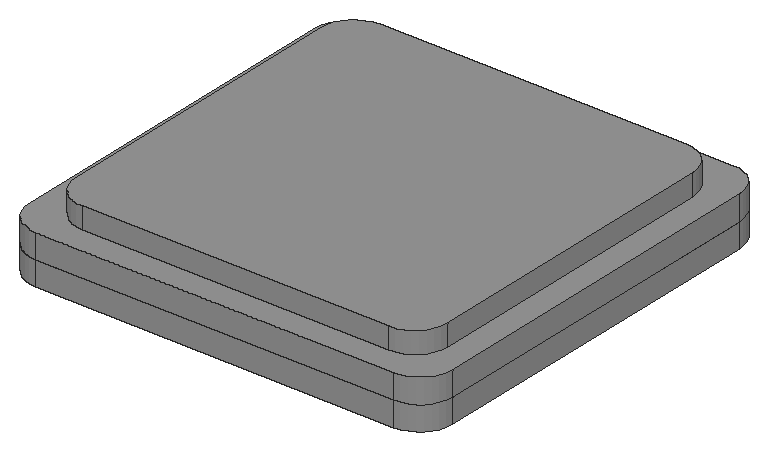
Revit family "FMS2_63_UN_Surface-mounted_ETK", category Lighting Fixtures, Revit 2019 (continued)
Definition of nested family "FMS.2 - Lightsource"
  Types (14, lengths in mm): name | Wattage Comments | Wattage | built-in parameter 1150134 | Photometric Web File | built-in parameter 1150142 | built-in parameter 1150105 | Lumens | built-in parameter 1150107 | built-in parameter 1150106 | Apparent Load
      7.1513\t1.4513\t0\t0\t0\t0\t0\r\n0\r\n473.6291\t473.3725\t472.9875\t472.6026\t472.2176\t471.7043\t471.0627\t470.4211\t469.9078\t469.2662\r\n468.6246\t467.983\t467.2131\t466.4432\t465.6733\t464.6467\t463.7485\t462.8502\t461.952\t460.9254\r\n459.8989\t458.744\t457.7174\t456.5626\t455.2794\t453.9962\t452.713\t451.4298\t450.0182\t448.6067\r\n447.1952\t445.7837\t444.3722\t442.8323\t441.1642\t439.6243\t437.9562\t436.288\t434.6198\t432.8234\r\n430.6419\t428.3322\t426.1507\t423.7126\t421.4029\t418.9648\t416.5267\t414.217\t411.7789\t409.3408\r\n406.7744\t404.3363\t401.8982\t399.3318\t396.8938\t394.199\t391.6326\t389.0662\t386.4998\t383.8051\r\n381.1104\t378.4157\t375.8493\t373.1546\t370.3315\t367.6368\t364.9421\t362.2474\t359.5526\t356.7296\r\n353.9066\t351.2118\t348.3888\t345.1808\t341.9728\t338.6365\t335.4285\t332.0922\t328.8842\t325.5478\r\n322.2115\t319.0035\t315.6672\t312.4592\t309.1229\t305.9149\t302.5786\t299.2422\t295.9059\t292.6979\r\n289.3616\t286.1536\t282.9456\t279.6093\t276.4013\t273.065\t269.857\t266.649\t263.441\t259.9763\r\n256.3834\t252.9187\t249.4541\t245.9894\t242.5248\t238.9318\t235.4672\t231.8742\t228.5379\t225.0733\r\n221.737\t218.2723\t214.936\t211.5997\t208.135\t204.7987\t201.4624\t198.1261\t194.9181\t191.4534\r\n187.7322\t184.1392\t180.5462\t176.825\t173.232\t169.639\t166.0461\t162.5814\t158.9885\t155.5238\r\n152.0592\t148.5946\t145.1299\t141.6653\t138.329\t134.8643\t131.3997\t127.9992\t124.5859\t121.1854\r\n117.8106\t114.4743\t111.1508\t107.8658\t104.5936\t101.3343\t98.1006\t94.867\t91.6333\t88.4381\r\n85.2686\t82.1248\t79.0066\t75.9269\t72.8601\t69.8317\t66.8291\t63.852\t60.9007\t57.9621\r\n55.2546\t52.6882\t50.1346\t47.5939\t45.0788\t42.5637\t40.0743\t37.5849\t35.1084\t32.6446\r\n29.9114\t23.9317\t17.9391\t11.9504\t5.9489\t0\t0\t0\t0\t0\r\n0\r\n473.6291\t473.3725\t473.1158\t472.7309\t472.3459\t471.8326\t471.3194\t470.6778\t470.1645\t469.5229\r\n469.0096\t468.368\t467.5981\t466.8282\t465.9299\t465.0317\t464.1334\t463.2352\t462.337\t461.3104\r\n460.1555\t459.129\t457.9741\t456.6909\t455.536\t454.1245\t452.8413\t451.4298\t450.0182\t448.6067\r\n447.0669\t445.6554\t443.9872\t442.4474\t440.7792\t439.111\t437.4429\t435.6464\t433.9782\t432.1818\r\n430.3853\t428.4605\t426.5357\t424.4826\t422.5578\t420.5046\t418.1949\t415.7568\t413.1904\t410.7523\r\n408.1859\t405.7478\t403.1814\t400.4867\t397.9203\t395.2256\t392.5309\t389.8362\t387.1414\t384.4467\r\n381.6237\t378.929\t376.1059\t373.2829\t370.4598\t367.6368\t364.8138\t361.9907\t359.0394\t356.2163\r\n353.265\t350.4419\t347.4906\t344.6675\t341.7162\t338.7648\t335.8134\t332.8621\t330.039\t327.0877\r\n324.1363\t321.185\t317.977\t314.5123\t311.0477\t307.7114\t304.2467\t300.9104\t297.5741\t294.1094\r\n290.6448\t287.3085\t283.9722\t280.6358\t277.1712\t273.7066\t270.3702\t267.0339\t263.6976\t260.233\r\n256.8966\t253.5603\t250.224\t246.8877\t243.423\t240.0867\t236.8787\t233.5424\t230.2061\t226.6131\r\n223.0202\t219.4272\t215.9626\t212.3696\t208.7766\t205.312\t201.719\t198.2544\t194.9181\t191.4534\r\n188.1171\t184.6525\t181.1878\t177.8515\t174.3869\t171.0506\t167.8426\t164.3779\t160.6566\t157.0637\r\n153.4707\t150.0061\t146.4131\t142.8202\t139.3555\t135.8909\t132.4262\t128.9616\t125.5868\t122.1991\r\n118.7858\t115.3982\t111.9592\t108.5972\t105.2609\t101.9502\t98.6652\t95.4059\t92.1851\t88.9899\r\n85.8204\t82.6894\t79.5841\t76.53\t73.5402\t70.576\t67.6375\t64.7246\t61.8502\t59.0015\r\n56.1785\t53.3683\t50.5966\t47.9788\t45.5151\t43.077\t40.6389\t38.2137\t35.8141\t33.4274\r\n31.0663\t28.718\t24.2525\t17.8236\t11.3858\t4.9378\t0\t0\t0\t0\r\n0\r\n473.6291\t473.3725\t473.1158\t472.8592\t472.6026\t472.0893\t471.576\t470.9344\t470.4211\t469.9078\r\n469.3946\t468.753\t467.983\t467.2131\t466.3149\t465.4166\t464.6467\t463.7485\t462.7219\t461.6954\r\n460.6688\t459.5139\t458.359\t457.0758\t455.7926\t454.3811\t453.0979\t451.6864\t450.2749\t448.735\r\n447.3235\t445.6554\t444.1155\t442.4474\t440.7792\t438.9827\t437.3146\t435.5181\t433.7216\t431.7968\r\n429.872\t427.9472\t425.8941\t423.841\t421.7878\t419.7347\t417.6816\t415.5002\t413.3187\t411.1373\r\n408.8275\t406.6461\t404.208\t401.8982\t399.4602\t396.8938\t394.199\t391.5043\t388.8096\t385.9866\r\n383.1635\t380.2122\t377.3891\t374.4378\t371.6147\t368.6634\t365.712\t362.7606\t359.8093\t356.8579\r\n353.9066\t350.8269\t347.8755\t344.7958\t341.7162\t338.7648\t335.6851\t332.6054\t329.5258\t326.4461\r\n323.3664\t320.2867\t317.207\t314.1274\t311.0477\t307.8397\t304.76\t301.552\t298.4723\t295.3926\r\n292.1846\t288.9766\t285.897\t282.8173\t279.481\t276.0163\t272.4234\t268.9587\t265.4941\t262.0294\r\n258.4365\t254.9718\t251.5072\t247.9142\t244.4496\t240.985\t237.5203\t234.0557\t230.591\t227.1264\r\n223.5334\t220.0688\t216.6042\t213.2678\t209.9315\t206.4669\t203.0022\t199.5376\t196.2013\t192.7366\r\n189.1437\t185.679\t182.0861\t178.4931\t175.0285\t171.4355\t167.9709\t164.5062\t161.0416\t157.7053\r\n154.2406\t150.9043\t147.4397\t144.2317\t140.8954\t137.6874\t134.351\t130.7581\t127.1266\t123.5465\r\n120.0049\t116.5916\t113.2039\t109.8419\t106.4671\t103.1051\t99.7816\t96.5223\t93.3015\t90.055\r\n86.847\t83.6775\t80.5465\t77.4411\t74.3871\t71.3588\t68.3817\t65.4432\t62.556\t59.7201\r\n56.9099\t54.1382\t51.3922\t48.6718\t45.9899\t43.3337\t40.7673\t38.4447\t36.1606\t33.9021\r\n31.6437\t29.3981\t27.1782\t24.9582\t18.3369\t11.2229\t4.0883\t0\t0\t0\r\n0\r\n473.6291\t473.5008\t473.2442\t472.9875\t472.7309\t472.3459\t471.8326\t471.3194\t470.8061\t470.2928\r\n469.7795\t469.1379\t468.4963\t467.5981\t466.8282\t465.9299\t465.16\t464.2618\t463.3635\t462.337\r\n461.1821\t460.1555\t458.8723\t457.7174\t456.3059\t455.0227\t453.6112\t452.1997\t450.7882\t449.2483\r\n447.7085\t446.1686\t444.5005\t442.8323\t441.1642\t439.3677\t437.5712\t435.7747\t433.8499\t431.9251\r\n430.0003\t427.9472\t425.8941\t423.841\t421.7878\t419.6064\t417.425\t415.2435\t412.9338\t410.624\r\n408.3142\t406.0045\t403.5664\t401.1283\t398.6902\t396.2522\t393.8141\t391.2477\t388.6813\t386.1149\r\n383.4202\t380.8538\t378.159\t375.4643\t372.6413\t369.9466\t367.2518\t364.5571\t361.7341\t358.7827\r\n355.703\t352.6234\t349.4154\t346.3357\t343.256\t340.1763\t336.9683\t333.7603\t330.5523\t327.4726\r\n324.2646\t321.0566\t317.8486\t314.6406\t311.3043\t308.0963\t304.8883\t301.552\t298.344\t295.136\r\n291.928\t288.5917\t285.2554\t282.0474\t278.8394\t275.6314\t272.295\t268.9587\t265.6224\t262.4144\r\n259.0781\t255.7418\t252.5338\t249.3258\t245.9894\t242.7814\t239.3168\t235.9805\t232.7725\t229.5645\r\n226.0998\t222.5069\t218.7856\t215.1926\t211.4714\t208.0067\t204.4138\t200.8208\t197.3562\t193.7632\r\n190.1702\t186.5773\t182.9843\t179.5197\t176.055\t172.5904\t169.1258\t165.5328\t162.1965\t158.7318\r\n155.2672\t151.9309\t148.5946\t145.0016\t141.4086\t137.944\t134.4794\t131.0147\t127.6656\t124.2908\r\n120.9416\t117.6053\t114.3075\t111.1123\t107.9684\t104.8631\t101.6423\t98.2033\t94.7772\t91.3895\r\n88.066\t84.8067\t81.6115\t78.4933\t75.388\t72.334\t69.2928\t66.2901\t63.3516\t60.4644\r\n57.6413\t54.8696\t52.1364\t49.4417\t46.7855\t44.1806\t41.5885\t39.0349\t36.4942\t33.9663\r\n31.5154\t29.1415\t26.7932\t24.4706\t22.1865\t18.6834\t10.9136\t3.1503\t0\t0\r\n0\r\n473.6291\t473.5008\t473.3725\t473.2442\t472.9875\t472.6026\t472.0893\t471.7043\t471.191\t470.8061\r\n470.2928\t469.6512\t469.0096\t468.2397\t467.3414\t466.5715\t465.9299\t465.0317\t464.0051\t462.9786\r\n461.952\t460.7971\t459.7706\t458.4874\t457.0758\t455.7926\t454.3811\t453.0979\t451.5581\t450.1466\r\n448.6067\t446.9386\t445.2704\t443.6022\t441.9341\t440.2659\t438.4694\t436.5446\t434.6198\t432.695\r\n430.6419\t428.5888\t426.5357\t424.4826\t422.4294\t420.248\t417.9382\t415.7568\t413.3187\t411.009\r\n408.6992\t406.3894\t403.823\t401.385\t398.9469\t396.3805\t393.8141\t391.2477\t388.6813\t385.9866\r\n383.2918\t380.5971\t377.7741\t375.0794\t372.2563\t369.5616\t366.7386\t363.9155\t361.0925\t358.1411\r\n355.1898\t352.2384\t349.287\t346.3357\t343.3843\t340.3046\t337.3533\t334.2736\t331.3222\t328.2426\r\n325.1629\t322.0832\t318.8752\t315.7955\t312.5875\t309.3795\t306.2998\t303.2202\t300.1405\t296.8042\r\n293.5962\t290.3882\t287.1802\t283.7155\t280.2509\t276.9146\t273.4499\t270.1136\t266.7773\t263.3126\r\n259.848\t256.3834\t252.9187\t249.4541\t245.9894\t242.6531\t239.1885\t235.8522\t232.3875\t228.9229\r\n225.4582\t221.9936\t218.6573\t215.1926\t211.8563\t208.3917\t204.927\t201.5907\t198.1261\t194.7898\r\n191.3251\t187.8605\t184.3958\t181.0595\t177.5949\t174.2586\t170.9222\t167.5859\t164.3779\t161.0416\r\n157.3203\t153.7274\t150.0061\t146.4131\t142.8202\t139.3555\t135.8909\t132.4262\t128.9616\t125.4841\r\n121.9553\t118.5035\t115.1415\t111.8052\t108.5459\t105.3122\t102.0016\t98.6139\t95.2263\t91.9028\r\n88.6306\t85.4868\t82.3814\t79.3146\t76.2862\t73.2836\t70.3579\t67.4065\t64.3396\t61.337\r\n58.3856\t55.5369\t52.7908\t50.109\t47.1961\t44.1549\t41.1522\t38.1752\t35.211\t32.2981\r\n29.4494\t26.6777\t23.9958\t21.4808\t19.402\t17.3874\t15.4241\t10.3195\t2.125\t0\r\n0\r\n473.6291\t473.6291\t473.5008\t473.3725\t473.2442\t472.8592\t472.3459\t471.961\t471.576\t471.191\r\n470.8061\t470.1645\t469.5229\t468.753\t467.983\t467.3414\t466.6998\t465.8016\t464.9034\t463.8768\r\n462.8502\t461.8237\t460.6688\t459.3856\t458.1024\t456.8192\t455.536\t454.1245\t452.713\t451.3014\r\n449.7616\t448.2218\t446.5536\t444.8854\t443.2173\t441.4208\t439.7526\t437.8278\t435.903\t433.9782\r\n431.9251\t430.0003\t427.9472\t425.8941\t423.7126\t421.5312\t419.3498\t416.9117\t414.6019\t412.2922\r\n409.9824\t407.5443\t405.1062\t402.6682\t400.1018\t397.5354\t394.969\t392.4026\t389.8362\t387.1414\r\n384.4467\t381.6237\t378.929\t376.1059\t373.4112\t370.5882\t367.7651\t364.9421\t361.9907\t359.0394\r\n356.088\t353.1366\t350.1853\t347.1056\t344.0259\t340.9462\t337.9949\t334.9152\t331.8355\t328.7558\r\n325.5478\t322.4682\t319.2602\t316.0522\t312.8442\t309.6362\t306.5565\t303.3485\t300.0122\t296.8042\r\n293.5962\t290.3882\t287.0518\t283.7155\t280.3792\t277.0429\t273.8349\t270.4986\t267.1622\t263.8259\r\n260.3613\t257.025\t253.6886\t250.224\t246.8877\t243.423\t240.0867\t236.6221\t233.1574\t229.8211\r\n226.3565\t223.0202\t219.5555\t216.2192\t212.7546\t209.2899\t205.8253\t202.3606\t198.896\t195.4314\r\n191.9667\t188.5021\t185.1658\t181.7011\t178.2365\t174.7718\t171.3072\t167.9709\t164.5062\t160.9133\r\n157.4486\t153.984\t150.5194\t147.0547\t143.5901\t140.1254\t136.6608\t133.1962\t129.7315\t126.3824\r\n122.9947\t119.6071\t116.2066\t112.8189\t109.5083\t106.249\t102.9896\t99.7688\t96.5351\t93.2758\r\n90.0421\t86.8213\t83.6775\t80.6876\t77.5053\t74.2588\t71.0764\t68.0738\t65.0839\t62.094\r\n59.1427\t56.3325\t53.5993\t50.8917\t48.0173\t45.0916\t42.0633\t38.9708\t35.75\t32.2212\r\n28.7308\t25.3817\t22.3148\t19.6458\t17.182\t14.9236\t12.8051\t11.1061\t9.6702\t1.3345\r\n0\r\n473.6291\t473.6291\t473.6291\t473.5008\t473.3725\t473.1158\t472.7309\t472.3459\t472.0893\t471.7043\r\n471.4477\t470.8061\t470.2928\t469.5229\t468.753\t468.1114\t467.5981\t466.6998\t465.8016\t464.9034\r\n463.8768\t462.8502\t461.8237\t460.6688\t459.3856\t458.1024\t456.9475\t455.536\t454.1245\t452.713\r\n451.3014\t449.7616\t448.0934\t446.5536\t444.8854\t443.2173\t441.5491\t439.6243\t437.6995\t435.7747\r\n433.8499\t431.9251\t430.0003\t427.9472\t425.8941\t423.5843\t421.4029\t419.0931\t416.7834\t414.4736\r\n412.2922\t409.8541\t407.416\t404.9779\t402.5398\t399.9734\t397.407\t394.8406\t392.2742\t389.5795\r\n386.8848\t384.1901\t381.4954\t378.6723\t375.9776\t373.1546\t370.3315\t367.5085\t364.5571\t361.6058\r\n358.7827\t355.8314\t352.88\t349.672\t346.5923\t343.641\t340.6896\t337.6099\t334.6586\t331.4506\r\n328.2426\t325.1629\t322.0832\t318.8752\t315.5389\t312.3309\t309.2512\t305.9149\t302.7069\t299.4989\r\n296.2909\t292.9546\t289.7466\t286.4102\t282.9456\t279.7376\t276.4013\t273.065\t269.7286\t266.3923\r\n263.056\t259.7197\t256.255\t252.7904\t249.4541\t245.9894\t242.6531\t239.1885\t235.7238\t232.2592\r\n228.9229\t225.4582\t222.1219\t218.529\t215.0643\t211.5997\t208.135\t204.6704\t201.2058\t197.6128\r\n194.1482\t190.6835\t187.3472\t183.7542\t180.2896\t176.6966\t173.232\t169.8957\t166.431\t162.8381\r\n159.2451\t155.7805\t152.3158\t148.9795\t145.6432\t142.1786\t138.7139\t135.121\t131.528\t128.1917\r\n124.8297\t121.4036\t117.9774\t114.5641\t111.138\t107.8658\t104.5808\t101.2188\t97.8568\t94.5333\r\n91.2227\t87.912\t84.5885\t81.4319\t78.2624\t75.1827\t72.103\t69.1388\t66.1618\t63.2746\r\n60.3874\t57.5515\t54.7156\t52.0081\t49.2877\t46.6956\t44.1036\t41.55\t38.9964\t36.43\r\n33.8636\t31.5667\t29.2826\t27.1525\t25.0096\t23.0334\t21.0573\t19.3892\t17.7082\t13.8971\r\n7.0255\r\n473.6291\t473.6291\t473.5008\t473.3725\t473.2442\t472.8592\t472.4742\t472.2176\t471.8326\t471.4477\r\n471.0627\t470.4211\t469.9078\t469.1379\t468.368\t467.7264\t467.0848\t466.1866\t465.2883\t464.2618\r\n463.3635\t462.2086\t461.1821\t459.8989\t458.6157\t457.3325\t456.0493\t454.7661\t453.3546\t451.943\r\n450.4032\t448.8634\t447.1952\t445.6554\t443.9872\t442.1907\t440.5226\t438.5978\t436.673\t434.7482\r\n432.8234\t430.7702\t428.8454\t426.7923\t424.6109\t422.4294\t420.248\t417.9382\t415.6285\t413.3187\r\n411.009\t408.5709\t406.1328\t403.6947\t401.2566\t398.6902\t396.1238\t393.5574\t390.8627\t388.2963\r\n385.6016\t382.9069\t380.0838\t377.3891\t374.6944\t371.8714\t369.0483\t366.097\t363.2739\t360.3226\r\n357.3712\t354.4198\t351.4685\t348.5171\t345.4374\t342.3578\t339.4064\t336.3267\t333.247\t330.1674\r\n326.9594\t323.8797\t320.6717\t317.592\t314.384\t311.176\t307.968\t304.76\t301.552\t298.2157\r\n295.0077\t291.7997\t288.5917\t285.2554\t281.919\t278.5827\t275.3747\t272.0384\t268.7021\t265.3658\r\n262.0294\t258.6931\t255.2285\t251.8922\t248.4275\t245.0912\t241.7549\t238.4186\t234.9539\t231.4893\r\n228.153\t224.6883\t221.352\t217.8874\t214.4227\t210.9581\t207.4934\t204.1571\t200.5642\t197.0995\r\n193.7632\t190.2986\t186.9622\t183.4976\t180.033\t176.5683\t173.1037\t169.7674\t166.1744\t162.7098\r\n159.2451\t155.6522\t152.1875\t148.7229\t145.2582\t141.7936\t138.2006\t134.6077\t131.143\t127.7811\r\n124.3806\t120.9929\t117.6823\t114.3973\t111.0481\t107.6861\t104.4268\t101.2188\t97.9852\t94.7387\r\n91.4922\t88.2713\t85.1147\t82.0606\t78.8398\t75.6318\t72.4366\t69.3698\t66.3286\t63.4029\r\n60.567\t57.7825\t55.0108\t52.2519\t49.4802\t46.7855\t44.2319\t41.7682\t39.4199\t36.8407\r\n34.2614\t31.7977\t29.4623\t27.2552\t25.1892\t23.0591\t20.9803\t19.171\t17.5285\t2.4573\r\n0\r\n473.6291\t473.6291\t473.5008\t473.3725\t473.1158\t472.7309\t472.3459\t471.961\t471.576\t471.191\r\n470.8061\t470.1645\t469.5229\t468.753\t467.983\t467.3414\t466.5715\t465.6733\t464.775\t463.8768\r\n462.8502\t461.8237\t460.6688\t459.5139\t458.2307\t456.9475\t455.536\t454.2528\t452.8413\t451.4298\r\n449.8899\t448.3501\t446.6819\t445.1421\t443.4739\t441.8058\t440.0093\t438.2128\t436.288\t434.3632\r\n432.3101\t430.3853\t428.3322\t426.279\t424.2259\t422.0445\t419.863\t417.6816\t415.3718\t413.0621\r\n410.7523\t408.3142\t406.0045\t403.5664\t401\t398.5619\t395.9955\t393.4291\t390.8627\t388.168\r\n385.6016\t382.9069\t380.2122\t377.5174\t374.8227\t372.128\t369.305\t366.4819\t363.6589\t360.7075\r\n357.7562\t354.8048\t351.9818\t349.0304\t346.079\t343.1277\t340.048\t337.0966\t334.017\t330.9373\r\n327.8576\t324.7779\t321.6982\t318.6186\t315.5389\t312.4592\t309.2512\t306.1715\t303.0918\t299.7555\r\n296.5475\t293.4678\t290.1315\t286.6669\t283.3306\t279.9942\t276.6579\t273.1933\t269.857\t266.5206\r\n263.056\t259.7197\t256.255\t252.7904\t249.3258\t245.8611\t242.5248\t239.0602\t235.7238\t232.2592\r\n228.7946\t225.4582\t221.9936\t218.529\t215.1926\t211.728\t208.2634\t204.927\t201.4624\t198.1261\r\n194.6614\t191.1968\t187.8605\t184.5242\t181.0595\t177.7232\t174.3869\t170.9222\t167.5859\t164.2496\r\n160.6566\t157.0637\t153.3424\t149.7494\t146.1565\t142.6918\t139.2272\t135.6342\t132.1696\t128.705\r\n125.2147\t121.8013\t118.4137\t115.0517\t111.6897\t108.3534\t105.0684\t101.7321\t98.3829\t95.0723\r\n91.7873\t88.5408\t85.3585\t82.2146\t79.1221\t76.0938\t73.2194\t70.268\t67.1884\t64.1728\r\n61.2343\t58.3471\t55.5112\t52.7267\t50.0063\t47.3372\t44.7452\t42.2301\t39.792\t37.3283\r\n34.8004\t32.3366\t29.9499\t27.653\t25.5742\t23.5467\t21.5449\t14.6926\t3.0335\t0\r\n0\r\n473.6291\t473.5008\t473.3725\t473.2442\t472.9875\t472.6026\t472.2176\t471.8326\t471.3194\t470.9344\r\n470.5494\t469.9078\t469.2662\t468.4963\t467.7264\t466.9565\t466.3149\t465.4166\t464.5184\t463.4918\r\n462.4653\t461.4387\t460.4122\t459.2573\t457.9741\t456.6909\t455.2794\t453.9962\t452.5846\t451.1731\r\n449.7616\t448.2218\t446.6819\t445.0138\t443.3456\t441.6774\t440.0093\t438.2128\t436.4163\t434.4915\r\n432.5667\t430.5136\t428.5888\t426.5357\t424.4826\t422.4294\t420.248\t418.0666\t415.8851\t413.5754\r\n411.3939\t408.9558\t406.6461\t404.3363\t402.0266\t399.4602\t397.0221\t394.584\t392.0176\t389.4512\r\n386.8848\t384.1901\t381.6237\t379.0573\t376.3626\t373.7962\t371.1014\t368.2784\t365.4554\t362.6323\r\n359.681\t356.6013\t353.3933\t350.3136\t347.2339\t344.2826\t341.0746\t337.9949\t334.7869\t331.7072\r\n328.4992\t325.2912\t322.0832\t318.8752\t315.6672\t312.4592\t309.3795\t306.1715\t302.9635\t299.7555\r\n296.5475\t293.2112\t290.0032\t286.7952\t283.5872\t280.2509\t276.9146\t273.7066\t270.4986\t267.2906\r\n263.9542\t260.7462\t257.4099\t254.2019\t250.8656\t247.5293\t244.3213\t240.985\t237.777\t234.569\r\n230.976\t227.383\t223.6618\t220.1971\t216.6042\t213.0112\t209.4182\t205.8253\t202.3606\t198.7677\r\n195.303\t191.7101\t188.2454\t184.6525\t181.0595\t177.5949\t174.1302\t170.6656\t167.201\t163.8646\r\n160.5283\t157.0637\t153.599\t150.0061\t146.5414\t142.9485\t139.4838\t136.0192\t132.6829\t129.2182\r\n125.8306\t122.5456\t119.2863\t116.0398\t112.8189\t109.6366\t106.3388\t102.8228\t99.3582\t95.9577\r\n92.5957\t89.3364\t86.1156\t82.9332\t79.7894\t76.7097\t73.6557\t70.6145\t67.6246\t64.6733\r\n61.7861\t58.963\t56.1913\t53.4838\t50.7377\t48.0173\t45.3611\t42.7434\t40.1642\t37.6363\r\n35.2623\t32.9526\t30.6813\t28.4357\t26.2029\t22.4047\t13.1143\t3.7893\t0\t0\r\n0\r\n473.6291\t473.5008\t473.3725\t473.1158\t472.9875\t472.4742\t472.0893\t471.576\t471.191\t470.6778\r\n470.2928\t469.7795\t469.0096\t468.368\t467.4698\t466.6998\t466.0582\t465.2883\t464.2618\t463.3635\r\n462.337\t461.3104\t460.2838\t459.25
